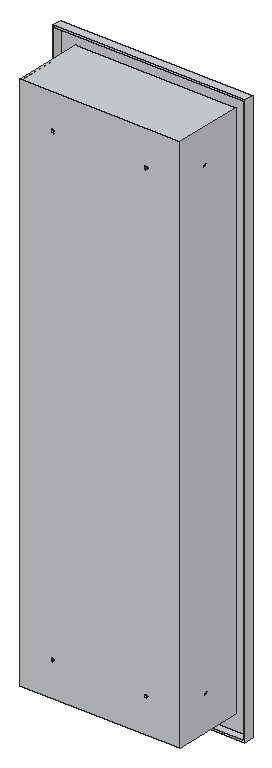
Revit family "AX9267E96-300X900-MC_0013", category Appareils sanitaires, Revit 2016
Family settings
  Hôte = Mur
  Type d'élément = Normal
  Cote de connecteur circulaire = Utiliser le diamètre
  Numéro OmniClass = 23.75.00.00
  Titre OmniClass = Climate Control (HVAC)
  Toujours verticalement = Oui
  Couper avec des vides une fois chargée = Non
  Partagée = Non
  Point de calcul de pièce = Non
Parameters (values of type "Type 1")
  URL = "https://www.axeuro.com/fr/combines-2-en-1/25314-combine-encastre-distributeur-d-essuie-mains-et-poubelle-ax9267e96-300x900-mc.html"
  Type de produit / Type of product = "Combiné encastré : distributeur d'essuie-mains et poubelle / Recessed combination paper towel dispenser with waste receptacle"  # constant formula
  Référence / Reference = "AX9267E96-300X900-MC, AX9267E96-300X900-MC-W"  # constant formula
  Model = ""
  Manufacturer = ""
  Entreprise / Company = "Axeuro"  # constant formula
  Description = ""
Reference planes
  plane 1 "Mur": y = 0
  plane 2 "Centre (gauche/droite)": x = 0
  plane 3 "Arrière": y = 75
Forms (mm)
  Extrusion 1, solid
    sketch origin (-812.606, 75, 1956.25) x (1, 0, 0) y (0, 0, 1)
      loop
        line (937.593, -601.226) -> (687.593, -601.226) -> (687.593, -1451.226) -> (937.593, -1451.226) -> (937.593, -601.226)
      loop
        line (935.893, -1449.526) -> (935.893, -602.926) -> (689.293, -602.926) -> (689.293, -1449.526) -> (935.893, -1449.526)
    from -13.3 to 96
  Extrusion 2, void
    sketch origin (-11.098, -5, 0.055) x (1, 0, 0) y (0, 0, 1)
      loop
        circle (-61.902, 1300.469) r 3
    from 14.3 to 16
  Extrusion 3, void
    sketch origin (11.098, -5, 0.055) x (-1, 0, 0) y (0, 0, -1)
      loop
        circle (-61.902, -1300.469) r 3
    from 14.3 to 16
  Extrusion 4, void
    sketch origin (0, -2, 0) x (0, 1, 0) y (0, 0, 1)
      loop
        circle (29.015, 1300.517) r 3
    from 122.502 to 124.987
  Extrusion 5, void
    sketch origin (0, 0, -740.993) x (0, 1, 0) y (0, 0, 1)
      loop
        circle (29.015, 1300.517) r 3
    from 122.502 to 124.987
  Extrusion 6, void
    sketch origin (0, -2, 0) x (0, 1, 0) y (0, 0, -1)
      loop
        circle (29.015, -1300.517) r 3
    from 122.502 to 124.987
  Extrusion 7, void
    sketch origin (0, 0, -740.993) x (0, 1, 0) y (0, 0, -1)
      loop
        circle (29.015, -1300.517) r 3
    from 122.502 to 124.987
  Extrusion 8, void
    sketch origin (-11.098, -5, -740.945) x (1, 0, 0) y (0, 0, 1)
      loop
        circle (-61.902, 1300.469) r 3
    from 14.3 to 16
  Extrusion 9, void
    sketch origin (11.098, -5, -740.945) x (-1, 0, 0) y (0, 0, -1)
      loop
        circle (-61.902, 1300.469) r 3
    from 14.3 to 16
  Extrusion 10, solid
    sketch origin (0, 75, 0) x (1, 0, 0) y (0, 0, 1)
      loop
        line (150.011, 1380) -> (-149.989, 1380) -> (-149.989, 480) -> (150.011, 480) -> (150.011, 1380)
      loop
        line (148.311, 1378.3) -> (-148.289, 1378.3) -> (-148.289, 481.7) -> (148.311, 481.7) -> (148.311, 1378.3)
    from -15 to 0
  Extrusion 11, solid
    sketch origin (0, 75.987, 0) x (1, 0, 0) y (0, 0, 1)
      loop
        line (150.011, 1380) -> (-149.989, 1380) -> (-149.989, 480) -> (150.011, 480) -> (150.011, 1380)
      loop
        line (100, 945) -> (100, 1195) -> (-100, 1195) -> (-100, 945) -> (100, 945)
    from -14.013 to -12.313
  Extrusion 12, solid
    sketch origin (0, -5, 0) x (1, 0, 0) y (0, 1, 0)
      loop
        line (-125.013, -14.3) -> (-125.013, -16) -> (124.987, -16) -> (124.987, -14.3) -> (-125.013, -14.3)
    from 505.024 to 1355.024
  Extrusion 13, void
    sketch origin (11.098, -5, -740.945) x (-1, 0, 0) y (0, 0, -1)
      loop
        circle (-61.902, -1300.469) r 3
    from 14.3 to 16
  Extrusion 14, void
    sketch origin (0, 75, 0) x (1, 0, 0) y (0, 0, 1)
      loop
        line (100, 1195) -> (-100, 1195) -> (-100, 945) -> (100, 945) -> (100, 1195)
    from -13.3 to 94.3
Cuts and joins
  Extrusion 2, Extrusion 3, Extrusion 4, Extrusion 5, Extrusion 6, Extrusion 7, Extrusion 8, Extrusion 9, Extrusion 13, Extrusion 14 cuts Extrusion 1
  Extrusion 2, Extrusion 3, Extrusion 8, Extrusion 9, Extrusion 13, Extrusion 14 cuts Extrusion 12
  joined: Extrusion 1, Extrusion 12
  joined: Extrusion 10, Extrusion 11
Text (mm)
  text "Côté de la mise en place" at (-1820.995, 1116.779, 0), in view "Niveau de réf."
  text "Côté de la mise en place" at (0, 1334.055, 2976.191), in view "Gauche"
  text "Côté de la mise en place" at (0, 439.194, 2944.362), in view "Droite"
Dimensions and locks
  locked: plane 3 "Arrière" to host wall
  aligned and locked: plane 1 "Mur" to host wall
